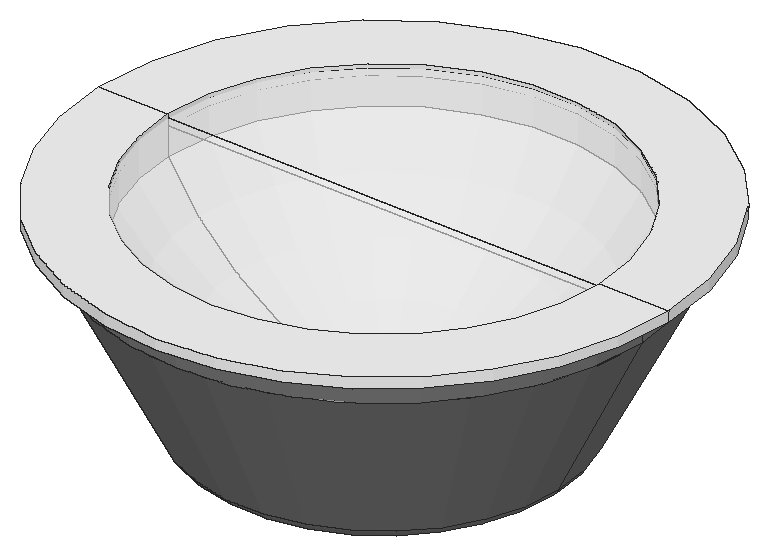
Revit family "30537", category Lighting Fixtures, host Face, Revit 2018
Family settings
  Host = Face
  Round Connector Dimension = Use Diameter
  Part Type = Normal
  OmniClass Number = 23.80.70.00
  OmniClass Title = Lighting
  Cut with Voids When Loaded = No
  Light Source = Yes
  Shared = No
  Room Calculation Point = No
Parameters (values of type "0030537 INSAVER SL U19 IP44 DALI 175 1700LM 840 ")
  WidthBezel_SYL = if(Size1_SYL, 20 mm, if(Size2_SYL, 20 mm, if(Size3PIR_SYL, 30 mm, if(Size4_SYL, 20 mm, 20 mm))))  # 20 mm
  Weight = "n/a"
  Wattage Comments = ""
  Wattage = 12 W
  WarrantyStartDate [instance] = "n/a"
  WarrantyGuarantorParts = "n/a"
  WarrantyDurationUnit = "n/a"
  WarrantyDurationParts = ""
  WarrantyDescription = "http://www.sylvania-lighting.com"
  built-in parameter 1150110 = 1 (stored number, unit not read)
  Voltage = 230 V
  VisibilityPIR_SYL = Size3PIR_SYL  # no
  URL = "0.97"
  TypeName = "Insaver Slim UGR19 IP44 DALI 175 1700lm 840"
  Type Image = <None>
  Type Comments = "n/a"
  built-in parameter 1114217 = 1 (stored number, unit not read)
  Tilt Angle = -90.00°
  built-in parameter 1150109 = 1 (stored number, unit not read)
  built-in parameter 1150134 = (empty or 0)
  built-in parameter 1150113 = 1 (stored number, unit not read)
  Size4_SYL = no
  Size3PIR_SYL = no
  Size2_SYL = no
  Size1_SYL = yes
  SerialNumber [instance] = "n/a"
  RadiusTop_SYL = 6 mm
  RadiusReflector_SYL = if(Size1_SYL, 85 mm, if(Size2_SYL, 85 mm, if(Size3PIR_SYL, 85 mm, if(Size4_SYL, 100 mm, 120 mm))))  # 85 mm
  Photometric Web File = "0030537.IES"
  Material_3_FEILO = Top-Sylvania-STARTDownlight
  PowerFactor = 0.9
  PowerConsumption = "Lighting"
  NominalLength = 165 mm
  NominalHeight = 50 mm
  NominalDepth = 165 mm
  Name = "Insaver Slim UGR19 IP44 DALI 175 1700lm 840"
  ModelReference = Name  # "Insaver Slim UGR19 IP44 DALI 175 1700lm 840"
  ModelNumber = "0030537"
  Model = Name  # "Insaver Slim UGR19 IP44 DALI 175 1700lm 840"
  Material = "Feilo Sylvania"
  ManufacturerName = "131 lm/W"
  Manufacturer = ""
  LuminousEfficacy = ""
  built-in parameter 1150105 = 31.446 (stored number, unit not read)
  Lumens = 395.16 lm
  LuminaireType = "0"
  built-in parameter 1150115 = 1 (stored number, unit not read)
  LightOutputRatio = "LED"
  built-in parameter 1150137 = (empty or 0)
  built-in parameter 1150139 = (empty or 0)
  LampsType = Lamp  # "n/a"
  LampNominalLuminous = "4000 K"
  LampMacAdamStep = "80"
  LampColourTemperature = "LED"
  LampColourRenderingIndex = "16500"
  built-in parameter 1150112 = 1 (stored number, unit not read)
  built-in parameter 1150114 = 1 (stored number, unit not read)
  Lamp = "n/a"
  Keynote = "n/a"
  InstallationDate [instance] = "n/a"
  InputVoltage = "0"
  InputNominalFrequency = "4000"
  built-in parameter 1150132 = (empty or 0)
  built-in parameter 1150102 = (empty or 0)
  built-in parameter 1150107 = 3000 (stored number, unit not read)
  built-in parameter 1150138 = (empty or 0)
  IngressProtection = "IfcLightFixtureType"
  ImpactProtectionIndex = "IfcLightFixtureType"
  built-in parameter 1150106 = 0.31446 (stored number, unit not read)
  IfcExportType = "IfcLightFixtureType"
  IfcExportAs = "Class II"
  Height_SYL = if(Size1_SYL, 61 mm, if(Size2_SYL, 61 mm, if(Size3PIR_SYL, 61 mm, if(Size4_SYL, 61 mm, 60 mm))))  # 61 mm
  HeightBezel_SYL = if(Size1_SYL, 3 mm, if(Size2_SYL, 3 mm, if(Size3PIR_SYL, 3 mm, if(Size4_SYL, 3.2 mm, 3 mm))))  # 3 mm
  ExpectedLife = 50000
  Emit from Circle Diameter = Diameter_SYL - 40 mm  # 125 mm
  Emit Shape Visible in Rendering = no
  ElectricShockClassification = "131"
  built-in parameter 1150104 = 3.0593 (stored number, unit not read)
  DurationUnit = "hours"
  DocumentationLiterature = "http://www.sylvania-lighting.com/product/en-int/products/0030537"
  DimmingControlOptions = "n/a"
  Material_2_FEILO = Diffuser-Sylvania-STARTDownlight
  Dimming Lamp Color Temperature Shift = <None>
  Diameter_SYL = if(Size1_SYL, 165 mm, if(Size2_SYL, 190 mm, if(Size3PIR_SYL, 211 mm, if(Size4_SYL, 220 mm, 240 mm))))  # 165 mm
  DiameterTop_SYL = if(Size1_SYL, 98 mm, if(Size2_SYL, 122 mm, if(Size3PIR_SYL, 120 mm, if(Size4_SYL, 135 mm, 158 mm))))  # 98 mm
  DiameterTopBase_SYL = DiameterRecess_SYL  # 150 mm
  DiameterRecess_SYL = if(Size1_SYL, 150 mm, if(Size2_SYL, 170 mm, if(Size3PIR_SYL, 186 mm, if(Size4_SYL, 200 mm, 225 mm))))  # 150 mm
  Description = "Insaver Slim is a ceiling recessed LED downlight (IP44 from the front),Die-cast aluminium body, loop in loop out connector for quick installation, Dimmable DALI driver of TRIDONIC (LCA 17W 250–700mA one4all SR PRE 28000670), 13W; 1700lm; 131lm/W; 4000K; UGR <19 with shallow product depth 60mm. Meets TP(a) requirements."
  Default Elevation = 1219.2 mm
  CreatedOn = "05/03/2024"
  CreatedBy = "@sylvania-lighting.com"
  Cost = 0
  Color Filter = 16777215
  built-in parameter 1114216 [instance] = (empty or 0)
  ClassificationValue = "EF_70_80"
  ClassificationName = "Uniclass2015"
  Material_1_FEILO = Trim-Sylvania-STARTDownlight-White
  BarCode [instance] = "n/a"
  built-in parameter 1114218 = 1 (stored number, unit not read)
  built-in parameter 1150133 = 10 (stored number, unit not read)
  AssetType = "Fixed"
  AssetIdentifier [instance] = "n/a"
  Assembly Code = "D5020200"
  Apparent Load = 13 VA
  Material_4_FEILO = LED-Sylvania-STARTDownlight
Reference planes
  plane 1 "Center (Front/Back)": y = 0
  plane 2: z = 0
  plane 3 "Center (Left/Right)": x = 0
  plane 4: x = 82.5
  plane 5: x = -82.5
  plane 6: z = 3
  plane 7: z = -8
  plane 8: z = -58
  plane 9: x = -75
  plane 10: x = 75
  plane 11: x = -49
  plane 12: x = 49
  plane 13: z = -85
  plane 14: x = -62.5
  plane 15: z = 2
  plane 16: z = -46
  plane 17: x = -16
  plane 18: x = -67.5
  plane 19: x = -81.5
  plane 20: x = -99.5
  plane 21: x = -76.5
  plane 22: z = 5.5
  plane 23: z = 8.7
  plane 24: x = -75.5
  plane 25: z = 13.7
Forms (mm)
  Revolve 1, void
    sketch origin (0, 0, 0) x (1, 0, 0) y (0, 0, 1)
      loop
        line (0, 0) -> (-75, 0) -> (-75, -85) -> (0, -85) -> (0, 0)
      axis (0, 0) -> (0, -85)
    angle from 360 to 0
  Revolve 2, solid, material "Trim-Sylvania-STARTDownlight-White" <- "Material_1_FEILO"
    sketch origin (0, 0, 0) x (1, 0, 0) y (0, 0, 1)
      loop
        line (-62.5, 3) -> (-82.5, 3) -> (-82.5, 0) -> (-75, 0) -> (-75, -8) -> (-50.681, -54.768)
        arc (-50.681, -54.768) -> (-48.471, -57.129) -> (-45.357, -58) r 6
        line (-45.357, -58) -> (0, -58) -> (0, -46) -> (-16, -46)
        arc (-16, -46) -> (-42.718, -31.243) -> (-62.5, -8) r 85
        line (-62.5, -8) -> (-62.5, 3)
      axis (0, 3) -> (0, -58)
    angle from 360 to 0
  Revolve 3, solid, material "Diffuser-Sylvania-STARTDownlight" <- "Material_2_FEILO"
    sketch origin (0, 0, 0) x (1, 0, 0) y (0, 0, 1)
      loop
        line (-62.5, 0) -> (0, 0) -> (0, 2) -> (-62.5, 2) -> (-62.5, 0)
      axis (0, 2) -> (0, 0)
    angle from 360 to 0
  Revolve 4, solid, material "Trim-Sylvania-STARTDownlight-White" <- "Material_1_FEILO", visible <- "VisibilityPIR_SYL"
    sketch origin (0, 0, 0) x (1, 0, 0) y (0, 0, 1)
      loop
        line (-67.5, 3) -> (-67.5, 13.7)
        arc (-67.5, 13.7) -> (-72.217, 12.347) -> (-75.5, 8.7) r 8.9
        line (-75.5, 8.7) -> (-75.5, 5.5) -> (-76.5, 5.5) -> (-76.5, 3) -> (-67.5, 3)
      axis (-67.5, 13.7) -> (-67.5, 3)
    angle from 360 to 0
Dimensions and locks
  equal spacing: plane 4, plane 3 "Center (Left/Right)", plane 5
  "Diameter_SYL": plane 4 to plane 5
  equal spacing: plane 10, plane 3 "Center (Left/Right)", plane 9
  equal spacing: plane 12, plane 3 "Center (Left/Right)", plane 11
  "DiameterTop_SYL": plane 12 to plane 11
  "HeightBezel_SYL": plane 6 to plane 2
  "Height_SYL": plane 6 to plane 8
  locked: plane 2 to plane 7 at 8
  locked: plane 2 to plane 13 at 85
  "WidthBezel_SYL": plane 14 to plane 5
  locked: plane 6 to plane 15 at 1
  "DiameterRecess_SYL": plane 10 to plane 9
  locked: plane 3 "Center (Left/Right)" to plane 17 at 16
  locked: plane 16 to plane 8 at 12
  locked: plane 18 to plane 21 at 9
  locked: plane 22 to plane 6 at 2.5
  locked: plane 23 to plane 22 at 3.2
  locked: plane 18 to plane 24 at 8
  locked: plane 25 to plane 23 at 5
  locked: plane 25 to Revolve 4 sketch curve at 8.9
  locked: plane 18 to plane 5 at 15
  "RadiusReflector_SYL": radius of Revolve 2 sketch curve
  "RadiusTop_SYL": radius of Revolve 2 sketch curve
  aligned and locked: plane 2 to host face
  aligned and locked: level to host face
  aligned and locked: Revolve 1 sketch curve to plane 3 "Center (Left/Right)"
  aligned and locked: plane 3 "Center (Left/Right)" to Revolve 1 sketch curve
  aligned and locked: Revolve 1 sketch curve to plane 9
  aligned and locked: plane 13 to Revolve 1 sketch curve
  aligned and locked: plane 3 "Center (Left/Right)" to imposter light
  aligned and locked: imposter light to plane 15
  aligned and locked: imposter light to plane 1 "Center (Front/Back)"
  aligned and locked: Revolve 2 sketch curve to plane 3 "Center (Left/Right)"
  aligned and locked: Revolve 2 sketch curve to plane 6
  aligned and locked: Revolve 2 sketch curve to plane 5
  aligned and locked: Revolve 2 sketch curve to level
  aligned and locked: plane 7 to Revolve 2 sketch curve  (x2)
  aligned and locked: Revolve 2 sketch curve to plane 9
  aligned and locked: plane 8 to Revolve 2 sketch curve
  aligned and locked: Revolve 2 sketch curve to plane 14
  aligned and locked: plane 3 "Center (Left/Right)" to Revolve 2 sketch curve
  aligned and locked: Revolve 2 sketch curve to plane 16
  aligned and locked: Revolve 3 sketch curve to plane 3 "Center (Left/Right)"
  aligned and locked: Revolve 3 sketch curve to level
  aligned and locked: imposter light to Revolve 3 sketch curve  (x2)
  aligned and locked: Revolve 4 sketch curve to plane 18  (x2)
  aligned and locked: Revolve 4 sketch curve to plane 6
  aligned and locked: plane 22 to Revolve 4 sketch curve
  aligned and locked: plane 24 to Revolve 4 sketch curve
  aligned and locked: Revolve 4 sketch curve to Revolve 4 sketch curve
  aligned and locked: plane 21 to Revolve 4 sketch curve
Automatic sketch dimensions
  host sketch curve to host sketch curve = 2438.4 mm  (x2)
  plane 13 to Revolve 1 sketch curve = 524.6 mm
  Revolve 1 sketch curve to plane 6 = 2606.058 mm
  Revolve 1 sketch curve to level = 0 mm
  Revolve 2 sketch curve to plane 17 = 0 mm
  Revolve 2 sketch curve to plane 11 = 1.681 mm
  plane 11 to Revolve 2 sketch curve = 3.643 mm
  plane 13 to Revolve 2 sketch curve = 524.6 mm
  Revolve 2 sketch curve to Revolve 2 sketch curve = 2577.983 mm
  Revolve 3 sketch curve to plane 14 = 0 mm
  plane 13 to Revolve 3 sketch curve = 524.6 mm
  Revolve 3 sketch curve to plane 6 = 2606.058 mm
  Revolve 4 sketch curve to plane 23 = 0 mm
  plane 13 to Revolve 4 sketch curve = 524.6 mm
  Revolve 4 sketch curve to Revolve 4 sketch curve = 2595.358 mm
Connectors
  electrical at (0, 0, 0), driven by "Apparent Load", driven by "PowerFactor", driven by "Voltage"
    settings: index 1, voltage 230 V, apparent load 13 VA, apparent load phase1 0 VA, apparent load phase2 0 VA, apparent load phase3 0 VA, power factor 0.9, load classification "Lighting", number of poles 1, system type 30, power factor state 1, is connector primary yes, connector utility no, sub classification motor no, connector description ""
